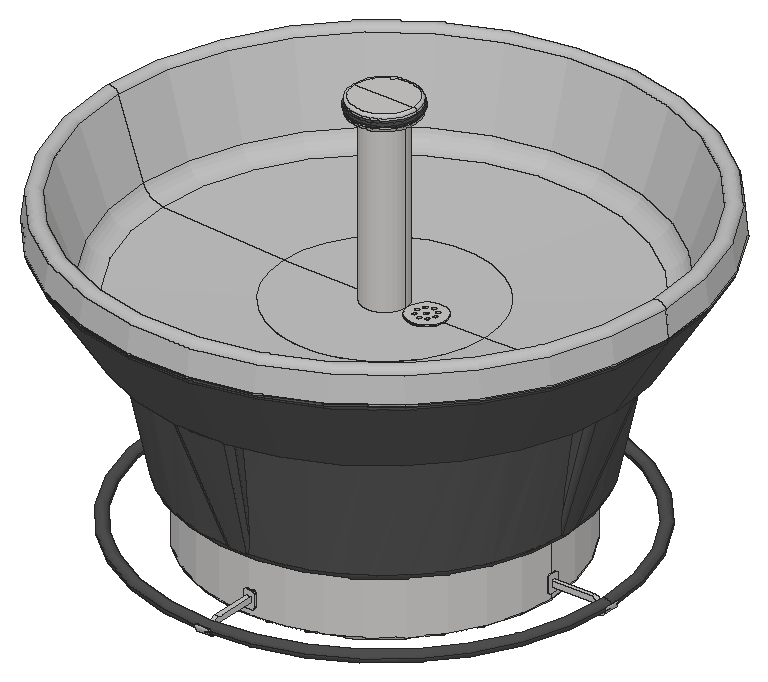
Revit family "Washfountain_Lavatory-Bradley_Corp-WF2808-Type_B_Drain", category Plumbing Fixtures, Revit 2012 (continued)
Automatic sketch dimensions
  Masking region 6 sketch curve to curve 7 = 7.18965"
  Masking region 6 sketch curve to Masking region 6 sketch curve = 0.60673"  (x2)
  Masking region 6 sketch curve to Masking region 6 sketch curve = 1.250"  (x5)
  Masking region 6 sketch curve to Masking region 6 sketch curve = 0.64327"
  Masking region 6 sketch curve to Masking region 6 sketch curve = 0.625"
  Masking region 7 sketch curve to curve 8 = 0.000"
  Masking region 7 sketch curve to curve 8 = 3.22592"
  Masking region 7 sketch curve to curve 8 = 2.810"
  curve 8 to Masking region 7 sketch curve = 2.810"
  curve 8 to Masking region 7 sketch curve = 3.22592"
  Masking region 7 sketch curve to curve 8 = 6.000"
  Masking region 8 sketch curve to curve 8 = 0.000"
  curve 8 to Masking region 8 sketch curve = 1.000"
  Masking region 8 sketch curve to curve 8 = 3.1566"
  Masking region 8 sketch curve to Masking region 8 sketch curve = 0.14284"  (x2)
  Masking region 8 sketch curve to Masking region 8 sketch curve = 0.03075"  (x2)
  Masking region 8 sketch curve to Masking region 8 sketch curve = 0.05262"  (x4)
  Masking region 8 sketch curve to Masking region 8 sketch curve = 0.06777"  (x2)
  Masking region 8 sketch curve to curve 8 = 1.17907"
  Masking region 8 sketch curve to curve 8 = 0.84002"
  curve 8 to Masking region 8 sketch curve = 0.84002"
  curve 8 to Masking region 8 sketch curve = 1.17907"
  Masking region 8 sketch curve to Masking region 8 sketch curve = 1.96998"
  curve 8 to Masking region 8 sketch curve = 0.375"
  Masking region 8 sketch curve to curve 8 = 7.18965"
  Masking region 8 sketch curve to Masking region 8 sketch curve = 1.18965"
  Masking region 8 sketch curve to Masking region 8 sketch curve = 0.60673"  (x2)
  Masking region 8 sketch curve to Masking region 8 sketch curve = 1.250"  (x5)
  Masking region 8 sketch curve to Masking region 8 sketch curve = 0.64327"
  Masking region 8 sketch curve to Masking region 8 sketch curve = 0.625"
  curve 8 to curve 24 = 0.375"
  curve 24 to curve 8 = 3.1566"
  curve 19 to curve 24 = 0.000"  (x2)
  curve 19 to curve 20 = 0.17359"
  curve 20 to curve 21 = 0.05262"
  curve 21 to curve 22 = 0.05262"
  curve 22 to curve 23 = 0.06777"
  curve 8 to curve 23 = 2.810"
  curve 23 to curve 22 = 0.06777"
  curve 22 to curve 21 = 0.05262"
  curve 21 to curve 20 = 0.05262"
  curve 20 to curve 24 = 0.17359"
  curve 19 to curve 24 = 0.625"
  curve 20 to curve 19 = 0.64327"
  curve 21 to curve 20 = 1.250"
  curve 22 to curve 21 = 1.250"
  curve 23 to curve 22 = 1.250"
  Masking region 9 sketch curve to curve 3 = 0.000"
  Masking region 9 sketch curve to curve 3 = 0.12875"
  curve 3 to Masking region 9 sketch curve = 0.21498"
  curve 3 to Masking region 9 sketch curve = 0.215"
  Masking region 9 sketch curve to Masking region 9 sketch curve = 0.785"
  Masking region 9 sketch curve to curve 3 = 1.000"
  Masking region 9 sketch curve to curve 3 = 0.215"
  Masking region 9 sketch curve to curve 3 = 0.21498"
  curve 3 to Masking region 9 sketch curve = 0.12875"
  Masking region 9 sketch curve to curve 3 = 1.38998"  (x2)
  Masking region 9 sketch curve to curve 3 = 0.94498"  (x2)
  Masking region 9 sketch curve to curve 3 = 0.44498"  (x2)
  Masking region 10 sketch curve to curve 3 = 0.12875"
  Masking region 10 sketch curve to curve 3 = 0.035"  (x2)
  Masking region 10 sketch curve to curve 3 = 0.00002"
  curve 3 to Masking region 10 sketch curve = 0.215"  (x2)
  Masking region 10 sketch curve to Masking region 10 sketch curve = 0.785"
  Masking region 10 sketch curve to curve 3 = 1.000"
  Masking region 10 sketch curve to curve 3 = 0.215"  (x2)
  curve 3 to Masking region 10 sketch curve = 0.035"  (x2)
  Masking region 10 sketch curve to Masking region 10 sketch curve = 0.09375"
  Masking region 10 sketch curve to curve 3 = 1.38998"  (x2)
  Masking region 10 sketch curve to curve 3 = 0.94498"  (x2)
  Masking region 10 sketch curve to curve 3 = 0.53873"  (x2)
  Masking region 11 sketch curve to curve 4 = 0.000"
  Masking region 11 sketch curve to curve 4 = 0.12875"
  curve 4 to Masking region 11 sketch curve = 0.21498"
  curve 4 to Masking region 11 sketch curve = 0.215"
  Masking region 11 sketch curve to Masking region 11 sketch curve = 0.785"
  Masking region 11 sketch curve to curve 4 = 1.000"
  Masking region 11 sketch curve to curve 4 = 0.215"
  Masking region 11 sketch curve to curve 4 = 0.21498"
  curve 4 to Masking region 11 sketch curve = 0.12875"
  Masking region 11 sketch curve to curve 4 = 1.38998"  (x2)
  Masking region 11 sketch curve to curve 4 = 0.94498"  (x2)
  Masking region 11 sketch curve to curve 4 = 0.44498"  (x2)
  Masking region 12 sketch curve to curve 4 = 0.12875"
  Masking region 12 sketch curve to curve 4 = 0.035"  (x2)
  curve 4 to Masking region 12 sketch curve = 0.215"  (x2)
  Masking region 12 sketch curve to curve 4 = 0.00002"
  curve 4 to Masking region 12 sketch curve = 1.000"
  Masking region 12 sketch curve to curve 4 = 1.000"
  Masking region 12 sketch curve to curve 4 = 0.215"  (x2)
  curve 4 to Masking region 12 sketch curve = 0.035"  (x2)
  Masking region 12 sketch curve to Masking region 12 sketch curve = 0.09375"
  Masking region 12 sketch curve to curve 4 = 1.38998"  (x2)
  Masking region 12 sketch curve to curve 4 = 0.94498"  (x2)
  Masking region 12 sketch curve to curve 4 = 0.53873"  (x2)
  curve 37 to curve 4 = 0.12875"
  curve 32 to curve 4 = 0.12875"
  curve 36 to curve 4 = 0.035"
  curve 33 to curve 4 = 0.035"
  curve 4 to curve 38 = 1.000"
  curve 38 to curve 4 = 1.000"
  curve 4 to curve 35 = 0.035"
  curve 4 to curve 33 = 0.035"
  curve 33 to curve 34 = 0.09375"
  curve 35 to curve 35 = 0.09375"
  curve 38 to curve 4 = 1.38998"
  curve 37 to curve 4 = 0.94498"
  curve 34 to curve 4 = 0.44498"
  Revolve 7 sketch curve to curve 5 = 0.000"
  curve 5 to Revolve 7 sketch curve = 1.000"
  curve 5 to Revolve 7 sketch curve = 0.89718"
  Revolve 7 sketch curve to curve 5 = 0.64632"
  Revolve 7 sketch curve to Revolve 7 sketch curve = 0.17678"
  Revolve 7 sketch curve to Revolve 7 sketch curve = 0.000"  (x5)
  Revolve 7 sketch curve to Revolve 7 sketch curve = 0.60355"
  Revolve 7 sketch curve to Revolve 7 sketch curve = 0.176"
  curve 5 to Revolve 7 sketch curve = 0.34072"
  Revolve 7 sketch curve to curve 5 = 1.44037"
  Revolve 7 sketch curve to Revolve 7 sketch curve = 0.01575"
  Revolve 7 sketch curve to Revolve 7 sketch curve = 0.074"
  Revolve 7 sketch curve to Revolve 7 sketch curve = 0.0755"
  Revolve 7 sketch curve to curve 5 = 2.78252"
  Revolve 7 sketch curve to curve 5 = 39.99275"
  Revolve 7 sketch curve to Revolve 7 sketch curve = 0.07322"
  Revolve 7 sketch curve to Revolve 7 sketch curve = 0.60277"
  Revolve 7 sketch curve to Revolve 7 sketch curve = 0.22469"
  Revolve 7 sketch curve to Revolve 7 sketch curve = 1.19454"
  Revolve 8 sketch curve to curve 5 = 0.000"
  curve 5 to Revolve 8 sketch curve = 1.000"
  Revolve 8 sketch curve to curve 5 = 0.75025"
  Revolve 8 sketch curve to Revolve 8 sketch curve = 0.82512"  (x2)
  Revolve 8 sketch curve to Revolve 8 sketch curve = 0.000"
  Revolve 8 sketch curve to Revolve 8 sketch curve = 0.71918"
  Revolve 8 sketch curve to Revolve 8 sketch curve = 1.30001"
  Masking region 13 sketch curve to curve 5 = 0.000"
  Masking region 13 sketch curve to curve 5 = 1.5755"
  Masking region 13 sketch curve to curve 5 = 0.750"
  curve 5 to Masking region 13 sketch curve = 1.000"
  Masking region 13 sketch curve to curve 5 = 1.000"
  curve 5 to Masking region 13 sketch curve = 0.75025"
  curve 5 to Masking region 13 sketch curve = 1.57537"
  Masking region 13 sketch curve to Masking region 13 sketch curve = 0.8255"
  Masking region 13 sketch curve to Masking region 13 sketch curve = 0.82512"
  Masking region 14 sketch curve to curve 5 = 0.000"
  Masking region 14 sketch curve to curve 5 = 1.57537"
  Masking region 14 sketch curve to Masking region 14 sketch curve = 0.0755"  (x2)
  Masking region 14 sketch curve to Masking region 14 sketch curve = 0.11925"
  Masking region 14 sketch curve to Masking region 14 sketch curve = 0.000"  (x7)
  Masking region 14 sketch curve to Masking region 14 sketch curve = 0.01575"  (x2)
  Masking region 14 sketch curve to Masking region 14 sketch curve = 0.074"  (x2)
  Masking region 14 sketch curve to Masking region 14 sketch curve = 0.176"  (x2)
  Masking region 14 sketch curve to curve 5 = 0.82309"
  Masking region 14 sketch curve to Masking region 14 sketch curve = 0.17678"  (x2)
  curve 5 to Masking region 14 sketch curve = 0.89718"
  curve 5 to Masking region 14 sketch curve = 1.000"
  curve 5 to Masking region 14 sketch curve = 2.78252"
  Masking region 14 sketch curve to Masking region 14 sketch curve = 0.43497"
  Masking region 14 sketch curve to curve 5 = 1.000"
  Masking region 14 sketch curve to curve 5 = 0.89718"
  curve 5 to Masking region 14 sketch curve = 0.64632"
  Masking region 14 sketch curve to Masking region 14 sketch curve = 0.60355"
  curve 5 to Masking region 14 sketch curve = 0.34072"
  curve 5 to Masking region 14 sketch curve = 1.44037"
  Masking region 14 sketch curve to curve 5 = 39.99275"
  Masking region 14 sketch curve to Masking region 14 sketch curve = 0.07322"  (x2)
  Masking region 14 sketch curve to Masking region 14 sketch curve = 0.60277"  (x2)
  Masking region 14 sketch curve to Masking region 14 sketch curve = 0.3591"
  Masking region 14 sketch curve to Masking region 14 sketch curve = 0.22469"
  Masking region 14 sketch curve to Masking region 14 sketch curve = 0.13441"
  curve 252 to curve 5 = 23.7889"
  curve 40 to curve 5 = 1.5755"
  curve 5 to curve 39 = 0.56541"
  curve 40 to curve 39 = 0.07563"
  curve 5 to curve 41 = 1.000"
  curve 41 to curve 5 = 1.000"
  curve 5 to curve 39 = 1.49987"
  curve 39 to curve 40 = 0.0755"
  curve 5 to curve 252 = 23.7906"
  curve 41 to curve 5 = 2.84038"
  curve 40 to curve 39 = 1.44948"
  Masking region 15 sketch curve to curve 6 = 0.000"
  Masking region 15 sketch curve to curve 6 = 1.57537"
  Masking region 15 sketch curve to curve 6 = 0.74987"
  curve 6 to Masking region 15 sketch curve = 1.000"
  Masking region 15 sketch curve to curve 6 = 1.000"
  curve 6 to Masking region 15 sketch curve = 0.75025"
  curve 6 to Masking region 15 sketch curve = 1.57537"
  Masking region 15 sketch curve to Masking region 15 sketch curve = 0.82512"
  Masking region 15 sketch curve to Masking region 15 sketch curve = 0.8255"
  Masking region 16 sketch curve to curve 6 = 0.000"
  Masking region 16 sketch curve to curve 6 = 1.57537"
  Masking region 16 sketch curve to Masking region 16 sketch curve = 0.0755"  (x2)
  Masking region 16 sketch curve to Masking region 16 sketch curve = 0.11925"
  Masking region 16 sketch curve to Masking region 16 sketch curve = 0.000"  (x7)
  Masking region 16 sketch curve to Masking region 16 sketch curve = 0.135"
  Masking region 16 sketch curve to Masking region 16 sketch curve = 0.074"
  Masking region 16 sketch curve to Masking region 16 sketch curve = 0.176"  (x2)
  Masking region 16 sketch curve to curve 6 = 0.82309"
  Masking region 16 sketch curve to Masking region 16 sketch curve = 0.17678"  (x2)
  curve 6 to Masking region 16 sketch curve = 0.89718"
  curve 6 to Masking region 16 sketch curve = 1.000"
  curve 6 to Masking region 16 sketch curve = 2.78252"
  Masking region 16 sketch curve to Masking region 16 sketch curve = 0.43497"
  Masking region 16 sketch curve to curve 6 = 1.000"
  Masking region 16 sketch curve to curve 6 = 0.89718"
  curve 6 to Masking region 16 sketch curve = 0.64632"
  Masking region 16 sketch curve to Masking region 16 sketch curve = 0.60355"
  curve 6 to Masking region 16 sketch curve = 0.34072"
  curve 6 to Masking region 16 sketch curve = 1.44037"
  Masking region 16 sketch curve to Masking region 16 sketch curve = 0.01575"
  Masking region 16 sketch curve to Masking region 16 sketch curve = 0.0595"
  Masking region 16 sketch curve to curve 6 = 39.99275"
  Masking region 16 sketch curve to Masking region 16 sketch curve = 0.07322"  (x2)
  Masking region 16 sketch curve to Masking region 16 sketch curve = 0.60277"  (x2)
  Masking region 16 sketch curve to Masking region 16 sketch curve = 0.3591"
  Masking region 16 sketch curve to Masking region 16 sketch curve = 0.22469"
  Masking region 16 sketch curve to Masking region 16 sketch curve = 0.13441"
  curve 43 to curve 6 = 1.57537"
  curve 6 to curve 42 = 0.56541"
  curve 43 to curve 42 = 0.0755"
  curve 6 to curve 44 = 1.000"
  curve 44 to curve 6 = 1.000"
  curve 6 to curve 42 = 1.49987"
  curve 42 to curve 43 = 0.0755"
  curve 43 to curve 42 = 1.44948"
  curve 44 to curve 6 = 2.840"
  curve 136 to curve 137 = 0.000"  (x2)
  curve 136 to curve 138 = 0.000"  (x2)
  curve 137 to curve 138 = 0.000"  (x2)
  curve 147 to curve 251 = 0.000"  (x2)
  curve 141 to plane 1 "Center (Front/Back)" = 0.000"
  curve 138 to plane 1 "Center (Front/Back)" = 0.000"
  curve 145 to plane 1 "Center (Front/Back)" = 0.000"
  curve 251 to plane 1 "Center (Front/Back)" = 0.000"
  curve 251 to plane 3 "Center (Left/Right)" = 0.000"
  curve 145 to curve 147 = 3.12229"
  curve 144 to curve 145 = 0.25708"
  curve 146 to curve 145 = 0.25708"
  curve 143 to curve 144 = 0.62063"
  curve 136 to curve 146 = 0.62063"
  curve 139 to curve 146 = 0.62063"
  curve 142 to curve 143 = 0.62063"
  curve 140 to curve 139 = 0.62063"
  curve 141 to curve 140 = 0.25708"
  curve 140 to plane 1 "Center (Front/Back)" = 0.62063"
  curve 146 to plane 1 "Center (Front/Back)" = 0.62063"
  curve 139 to curve 146 = 0.25708"
  plane 1 "Center (Front/Back)" to curve 142 = 0.62063"
  plane 1 "Center (Front/Back)" to curve 144 = 0.62063"
  curve 144 to curve 143 = 0.25708"
  Masking region 18 sketch curve to plane 1 "Center (Front/Back)" = 0.000"
  Masking region 18 sketch curve to plane 3 "Center (Left/Right)" = 0.000"
  curve 45 to plane 1 "Center (Front/Back)" = 0.000"
  curve 45 to plane 3 "Center (Left/Right)" = 0.000"
  Masking region 19 sketch curve to plane 1 "Center (Front/Back)" = 0.000"
  Masking region 19 sketch curve to plane 3 "Center (Left/Right)" = 0.000"
  curve 46 to plane 1 "Center (Front/Back)" = 0.000"
  curve 46 to plane 3 "Center (Left/Right)" = 0.000"
  Masking region 20 sketch curve to plane 1 "Center (Front/Back)" = 0.000"
  Masking region 20 sketch curve to plane 3 "Center (Left/Right)" = 0.000"
  curve 47 to plane 1 "Center (Front/Back)" = 0.000"
  curve 47 to plane 3 "Center (Left/Right)" = 0.000"
  curve 244 to plane 1 "Center (Front/Back)" = 2.2644"
  plane 3 "Center (Left/Right)" to curve 244 = 7.0783"
  curve 244 to curve 250 = 1.51551"
  curve 250 to curve 246 = 0.06253"
  curve 245 to curve 246 = 0.000"  (x2)
  plane 3 "Center (Left/Right)" to curve 244 = 1.57842"
  curve 248 to plane 3 "Center (Left/Right)" = 0.06259"
  curve 243 to plane 3 "Center (Left/Right)" = 1.57814"
  curve 246 to plane 3 "Center (Left/Right)" = 5.500"
  curve 246 to curve 249 = 0.06259"
  curve 243 to plane 1 "Center (Front/Back)" = 2.26429"
  curve 248 to curve 243 = 1.51554"
  curve 250 to curve 244 = 0.87478"
  curve 249 to curve 243 = 0.875"
  curve 250 to curve 250 = 0.06779"
  curve 245 to curve 246 = 1.750"
  plane 1 "Center (Front/Back)" to curve 248 = 6.38699"
  curve 248 to curve 243 = 0.875"
  curve 248 to curve 244 = 0.87526"
  Masking region 21 sketch curve to plane 1 "Center (Front/Back)" = 0.000"
  Masking region 21 sketch curve to plane 3 "Center (Left/Right)" = 0.000"
  plane 3 "Center (Left/Right)" to Masking region 21 sketch curve = 0.06279"
  plane 3 "Center (Left/Right)" to Masking region 21 sketch curve = 3.52689"
  plane 3 "Center (Left/Right)" to Masking region 21 sketch curve = 5.50026"
  Masking region 21 sketch curve to plane 1 "Center (Front/Back)" = 3.13918"
  Masking region 21 sketch curve to Masking region 21 sketch curve = 0.06253"
  Masking region 21 sketch curve to plane 1 "Center (Front/Back)" = 1.13918"
  Masking region 21 sketch curve to Masking region 21 sketch curve = 3.4641"  (x2)
  Masking region 21 sketch curve to plane 3 "Center (Left/Right)" = 0.06259"
  Masking region 21 sketch curve to plane 3 "Center (Left/Right)" = 3.5267"
  Masking region 21 sketch curve to plane 3 "Center (Left/Right)" = 5.500"
  Masking region 21 sketch curve to plane 1 "Center (Front/Back)" = 3.13929"
  Masking region 21 sketch curve to Masking region 21 sketch curve = 0.06259"
  Masking region 21 sketch curve to plane 1 "Center (Front/Back)" = 1.13929"
  Masking region 21 sketch curve to Masking region 21 sketch curve = 0.06767"
  Masking region 21 sketch curve to Masking region 21 sketch curve = 0.06779"
  Masking region 21 sketch curve to Masking region 21 sketch curve = 4.000"
  Extrusion 9 sketch curve to plane 8 "Towel Dispenser" = 0.000"
  Extrusion 9 sketch curve to Extrusion 9 sketch curve = 2.250"
  Extrusion 9 sketch curve to plane 1 "Center (Front/Back)" = 3.20696"
  Extrusion 10 sketch curve to Extrusion 10 sketch curve = 2.250"
  Extrusion 10 sketch curve to Extrusion 10 sketch curve = 4.000"
  Extrusion 11 sketch curve to plane 8 "Towel Dispenser" = 0.000"
  Extrusion 11 sketch curve to Extrusion 11 sketch curve = 1.750"
  Extrusion 11 sketch curve to Extrusion 11 sketch curve = 2.250"
  Split face 1 sketch curve to Extrusion 9 = 0.56845"
  Split face 1 sketch curve to Split face 1 sketch curve = 0.750"
  Split face 1 sketch curve to Extrusion 9 = 1.500"  (x2)
  Split face 2 sketch curve to Extrusion 10 = 0.56845"
  Split face 2 sketch curve to Split face 2 sketch curve = 0.750"
  Split face 2 sketch curve to Extrusion 10 = 1.70359"
  Split face 2 sketch curve to Extrusion 10 = 1.29641"
  Split face 3 sketch curve to Extrusion 11 = 0.56851"
  Split face 3 sketch curve to Split face 3 sketch curve = 0.750"
  Split face 3 sketch curve to Extrusion 11 = 1.500"  (x2)
  curve 101 to Extrusion 9 = 0.000"  (x3)
  curve 99 to Extrusion 9 = 2.60156"
  curve 99 to curve 99 = 1.000"
  Extrusion 9 to curve 99 = 1.95703"
  curve 51 to Extrusion 10 = 0.000"  (x3)
  curve 100 to Extrusion 10 = 2.60156"
  curve 100 to curve 100 = 1.000"
  Extrusion 10 to curve 100 = 1.95703"
  curve 52 to Extrusion 11 = 0.000"  (x3)
  curve 98 to Extrusion 11 = 2.60156"
  curve 98 to curve 98 = 1.000"
  Extrusion 11 to curve 98 = 1.95703"
  Masking region 22 sketch curve to curve 9 = 0.000"  (x2)
  Masking region 22 sketch curve to curve 9 = 1.37502"  (x2)
  Masking region 22 sketch curve to curve 9 = 6.02676"
  Masking region 22 sketch curve to Masking region 22 sketch curve = 1.94856"
  Masking region 22 sketch curve to curve 9 = 2.56266"
  curve 9 to Masking region 22 sketch curve = 1.000"  (x2)
  Masking region 22 sketch curve to curve 9 = 1.000"  (x2)
  curve 9 to Masking region 22 sketch curve = 2.56273"
  curve 9 to Masking region 22 sketch curve = 4.0783"
  Masking region 22 sketch curve to Masking region 22 sketch curve = 3.46415"
  curve 9 to Masking region 22 sketch curve = 14.62567"  (x2)
  curve 9 to Masking region 22 sketch curve = 15.313"  (x2)
  Masking region 22 sketch curve to Masking region 22 sketch curve = 1.000"
  curve 131 to curve 53 = 0.000"
  curve 75 to curve 53 = 6.02688"
  curve 55 to curve 53 = 1.37502"
  curve 55 to curve 53 = 6.02688"
  curve 66 to curve 74 = 1.06133"
  curve 74 to curve 71 = 0.10866"
  curve 74 to curve 74 = 0.55423"  (x2)
  curve 74 to curve 53 = 0.29645"
  curve 73 to curve 55 = 0.4715"
  curve 103 to curve 53 = 1.50547"
  curve 71 to curve 55 = 0.32995"
  curve 72 to curve 53 = 0.30272"
  curve 53 to curve 72 = 0.2515"
  curve 73 to curve 72 = 0.10866"
  curve 53 to curve 132 = 1.000"
  curve 72 to curve 131 = 0.63984"
  curve 131 to curve 64 = 0.42158"
  curve 132 to curve 57 = 1.93715"
  curve 61 to curve 62 = 0.12538"
  curve 63 to curve 53 = 1.42193"
  curve 63 to curve 131 = 0.42193"
  curve 132 to curve 53 = 1.000"
  curve 69 to curve 53 = 0.14845"
  curve 53 to curve 70 = 0.40577"
  curve 53 to curve 54 = 0.52663"
  curve 54 to curve 70 = 0.43336"
  curve 67 to curve 70 = 0.10867"
  curve 53 to curve 54 = 3.2767"
  curve 68 to curve 53 = 0.33668"
  curve 54 to curve 68 = 0.46463"
  curve 68 to curve 68 = 0.10867"
  curve 69 to curve 68 = 0.55422"
  curve 68 to curve 68 = 0.55422"
  curve 102 to curve 65 = 0.97852"
  curve 56 to curve 58 = 5.50013"
  curve 55 to curve 53 = 10.37498"
  curve 54 to curve 53 = 10.37498"
  curve 68 to curve 68 = 0.04026"
  curve 73 to curve 72 = 0.04026"
  curve 68 to curve 54 = 1.03834"
  curve 53 to curve 103 = 3.97659"
  curve 65 to curve 102 = 2.60156"
  curve 103 to curve 103 = 1.000"
  curve 102 to curve 102 = 1.000"
  curve 53 to curve 59 = 14.62567"
  curve 53 to curve 60 = 14.62567"
  curve 53 to curve 61 = 15.313"
  curve 78 to curve 76 = 0.000"
  curve 77 to curve 76 = 0.000"
  curve 85 to curve 76 = 2.50026"
  curve 82 to curve 76 = 0.29642"
  curve 82 to curve 76 = 1.00026"
  curve 104 to curve 76 = 0.54323"
  curve 82 to curve 76 = 0.25026"
  curve 85 to curve 76 = 1.37502"
  curve 76 to curve 85 = 2.99987"
  curve 76 to curve 84 = 1.000"
  curve 84 to curve 84 = 0.750"
  curve 83 to curve 84 = 0.39109"
  curve 80 to curve 85 = 0.000"
  curve 76 to curve 104 = 3.97659"
  curve 76 to curve 104 = 4.97659"
  curve 76 to curve 79 = 14.62567"
  curve 79 to curve 77 = 0.68733"
  curve 79 to curve 78 = 0.68733"
  Masking region 23 sketch curve to curve 10 = 0.000"
  Masking region 23 sketch curve to curve 10 = 4.20696"
  Masking region 23 sketch curve to curve 10 = 1.95696"
  Masking region 23 sketch curve to curve 10 = 0.20696"
  curve 10 to Masking region 23 sketch curve = 1.000"
  Masking region 23 sketch curve to curve 10 = 1.000"
  curve 10 to Masking region 23 sketch curve = 3.3871"
  curve 10 to Masking region 23 sketch curve = 4.2621"
  Masking region 23 sketch curve to Masking region 23 sketch curve = 2.000"
  Masking region 23 sketch curve to curve 10 = 1.37502"  (x2)
  curve 10 to Masking region 23 sketch curve = 14.62567"  (x2)
  Masking region 23 sketch curve to Masking region 23 sketch curve = 0.68733"
  curve 10 to Masking region 23 sketch curve = 15.313"
  curve 10 to Masking region 23 sketch curve = 16.313"
  curve 86 to curve 10 = 0.000"
  curve 87 to curve 10 = 0.000"
  curve 91 to curve 10 = 0.000"
  curve 86 to curve 10 = 0.20696"
  curve 86 to curve 87 = 0.06756"
  curve 10 to curve 91 = 0.7356"
  curve 10 to curve 134 = 1.750"
  curve 134 to curve 90 = 0.1106"
  curve 89 to curve 95 = 0.01928"
  curve 95 to curve 96 = 0.39728"
  curve 95 to curve 95 = 0.31998"  (x2)
  curve 133 to curve 10 = 2.44456"
  curve 134 to curve 10 = 1.750"
  curve 10 to curve 93 = 0.62385"
  curve 96 to curve 10 = 0.29642"
  curve 96 to curve 92 = 2.18152"
  curve 96 to curve 97 = 0.31998"
  curve 97 to curve 94 = 0.31998"
  curve 94 to curve 97 = 0.39728"
  curve 10 to curve 90 = 5.3871"
  curve 93 to curve 10 = 10.37498"
  curve 95 to curve 95 = 0.17193"
  curve 10 to curve 93 = 1.37502"
  curve 10 to curve 133 = 3.97659"
  curve 133 to curve 133 = 1.000"
  curve 10 to curve 89 = 14.62567"
  curve 10 to curve 87 = 15.313"
  curve 86 to curve 87 = 0.000"
  curve 88 to curve 134 = 0.68733"
  Extrusion 12 sketch curve to plane 1 "Center (Front/Back)" = 0.000"
  Extrusion 12 sketch curve to plane 3 "Center (Left/Right)" = 0.000"
  curve 5 to Masking region 24 sketch curve = 3.500"
  curve 5 to Masking region 24 sketch curve = 1.000"
  Masking region 24 sketch curve to curve 5 = 1.000"
  Masking region 25 sketch curve to plane 10 "Sensor Module" = 3.500"
  Masking region 25 sketch curve to plane 1 "Center (Front/Back)" = 2.000"
  plane 1 "Center (Front/Back)" to Masking region 25 sketch curve = 2.000"
  Extrusion 13 sketch curve to plane 1 "Center (Front/Back)" = 0.000"
  Extrusion 13 sketch curve to plane 3 "Center (Left/Right)" = 0.000"
  Extrusion 14 sketch curve to Extrusion 14 sketch curve = 0.000"  (x2)
  Extrusion 14 sketch curve to plane 1 "Center (Front/Back)" = 0.000"
  Extrusion 14 sketch curve to plane 3 "Center (Left/Right)" = 0.000"
  plane 3 "Center (Left/Right)" to Extrusion 14 sketch curve = 0.06295"
  Extrusion 14 sketch curve to Extrusion 14 sketch curve = 2.000"
  Extrusion 14 sketch curve to Extrusion 14 sketch curve = 3.50026"
  Extrusion 14 sketch curve to Extrusion 14 sketch curve = 0.06243"
  Extrusion 14 sketch curve to plane 3 "Center (Left/Right)" = 0.06259"
  Extrusion 14 sketch curve to Extrusion 14 sketch curve = 3.500"
  Extrusion 14 sketch curve to Extrusion 14 sketch curve = 0.06259"
  Extrusion 14 sketch curve to plane 1 "Center (Front/Back)" = 3.13929"  (x2)
  Extrusion 14 sketch curve to Extrusion 14 sketch curve = 0.06767"
  plane 1 "Center (Front/Back)" to Extrusion 14 sketch curve = 6.38699"
  Extrusion 14 sketch curve to Extrusion 14 sketch curve = 0.00011"
  Extrusion 15 sketch curve to Extrusion 15 sketch curve = 0.000"  (x2)
  Extrusion 15 sketch curve to plane 1 "Center (Front/Back)" = 0.000"
  Extrusion 15 sketch curve to plane 3 "Center (Left/Right)" = 0.000"
  plane 3 "Center (Left/Right)" to Extrusion 15 sketch curve = 0.06295"
  Extrusion 15 sketch curve to Extrusion 15 sketch curve = 2.000"
  Extrusion 15 sketch curve to Extrusion 15 sketch curve = 3.50026"
  Extrusion 15 sketch curve to Extrusion 15 sketch curve = 0.06243"
  Extrusion 15 sketch curve to plane 3 "Center (Left/Right)" = 0.06259"
  Extrusion 15 sketch curve to Extrusion 15 sketch curve = 3.500"
  Extrusion 15 sketch curve to Extrusion 15 sketch curve = 0.06259"
  Extrusion 15 sketch curve to plane 1 "Center (Front/Back)" = 3.13929"  (x2)
  Extrusion 15 sketch curve to Extrusion 15 sketch curve = 0.06767"
  plane 1 "Center (Front/Back)" to Extrusion 15 sketch curve = 6.38699"
  Extrusion 15 sketch curve to Extrusion 15 sketch curve = 0.00011"
  Sweep 16 sketch curve to profile plane = 0.000"
  profile plane to Sweep 16 sketch curve = 1.425"
  Extrusion 17 sketch curve to Extrusion 17 sketch curve = 0.000"  (x10)
  level to Extrusion 17 sketch curve = 1.57969"
  plane 4 "Left" to Extrusion 17 sketch curve = 5.42032"
  Extrusion 17 sketch curve to Extrusion 17 sketch curve = 0.04831"  (x2)
  Extrusion 17 sketch curve to Extrusion 17 sketch curve = 0.48307"  (x2)
  Extrusion 17 sketch curve to Extrusion 17 sketch curve = 0.48846"  (x2)
  Extrusion 17 sketch curve to Extrusion 17 sketch curve = 0.04885"  (x2)
  level to Extrusion 17 sketch curve = 1.55302"
  Extrusion 17 sketch curve to plane 5 "Right" = 6.58615"
  Extrusion 17 sketch curve to Extrusion 17 sketch curve = 0.02667"
  Extrusion 17 sketch curve to Extrusion 17 sketch curve = 0.01068"
  Extrusion 18 sketch curve to Extrusion 18 sketch curve = 0.000"  (x10)
  level to Extrusion 18 sketch curve = 1.57982"
  plane 6 "Front" to Extrusion 18 sketch curve = 5.42032"
  Extrusion 18 sketch curve to Extrusion 18 sketch curve = 0.04831"  (x2)
  Extrusion 18 sketch curve to Extrusion 18 sketch curve = 0.48307"  (x2)
  Extrusion 18 sketch curve to Extrusion 18 sketch curve = 0.48846"  (x2)
  Extrusion 18 sketch curve to Extrusion 18 sketch curve = 0.04885"  (x2)
  level to Extrusion 18 sketch curve = 1.55315"
  Extrusion 18 sketch curve to plane 7 "Back" = 6.58615"
  Extrusion 18 sketch curve to Extrusion 18 sketch curve = 0.03735"
  Extrusion 18 sketch curve to Extrusion 18 sketch curve = 0.01068"
  Extrusion 19 sketch curve to Extrusion 19 sketch curve = 0.000"  (x6)
  level to Extrusion 19 sketch curve = 0.82503"  (x2)
  plane 4 "Left" to Extrusion 19 sketch curve = 6.000"
  Extrusion 19 sketch curve to Extrusion 19 sketch curve = 0.19771"  (x2)
  Extrusion 19 sketch curve to Extrusion 19 sketch curve = 0.600"
  Extrusion 19 sketch curve to Extrusion 19 sketch curve = 0.45214"  (x2)
  Extrusion 19 sketch curve to Extrusion 19 sketch curve = 0.14125"  (x2)
  Extrusion 19 sketch curve to Extrusion 19 sketch curve = 3.76201"
  level to Extrusion 19 sketch curve = 1.26725"
  Extrusion 19 sketch curve to plane 5 "Right" = 10.95544"
  Extrusion 19 sketch curve to Extrusion 19 sketch curve = 3.76205"
  Extrusion 19 sketch curve to Extrusion 19 sketch curve = 0.40229"
  Extrusion 19 sketch curve to Extrusion 19 sketch curve = 0.34334"
  Extrusion 20 sketch curve to Extrusion 20 sketch curve = 0.000"  (x6)
  level to Extrusion 20 sketch curve = 0.82997"
  plane 6 "Front" to Extrusion 20 sketch curve = 5.99907"
  Extrusion 20 sketch curve to Extrusion 20 sketch curve = 0.19771"  (x2)
  Extrusion 20 sketch curve to Extrusion 20 sketch curve = 0.600"
  Extrusion 20 sketch curve to Extrusion 20 sketch curve = 0.45214"  (x2)
  Extrusion 20 sketch curve to Extrusion 20 sketch curve = 0.14125"  (x2)
  Extrusion 20 sketch curve to Extrusion 20 sketch curve = 3.76296"
  level to Extrusion 20 sketch curve = 1.77219"
  Extrusion 20 sketch curve to plane 7 "Back" = 10.95714"
  level to Extrusion 20 sketch curve = 1.27219"
  Extrusion 20 sketch curve to Extrusion 20 sketch curve = 3.76468"
  Extrusion 20 sketch curve to Extrusion 20 sketch curve = 0.40229"
  Extrusion 20 sketch curve to Extrusion 20 sketch curve = 0.34334"
  plane 1 "Center (Front/Back)" to Extrusion 21 sketch curve = 0.49499"
  plane 1 "Center (Front/Back)" to Extrusion 21 sketch curve = 0.24499"  (x2)
  plane 1 "Center (Front/Back)" to Extrusion 21 sketch curve = 0.23845"
  Extrusion 21 sketch curve to plane 1 "Center (Front/Back)" = 0.24214"
  Extrusion 21 sketch curve to plane 1 "Center (Front/Back)" = 0.25501"  (x2)
  Extrusion 21 sketch curve to Extrusion 21 sketch curve = 0.250"
  level to Extrusion 21 sketch curve = 0.70961"
  Extrusion 21 sketch curve to Extrusion 21 sketch curve = 0.2684"  (x2)
  Extrusion 21 sketch curve to Extrusion 21 sketch curve = 0.5882"
  plane 1 "Center (Front/Back)" to Extrusion 22 sketch curve = 0.50501"
  plane 1 "Center (Front/Back)" to Extrusion 22 sketch curve = 0.25501"  (x2)
  plane 1 "Center (Front/Back)" to Extrusion 22 sketch curve = 0.24214"
  Extrusion 22 sketch curve to plane 1 "Center (Front/Back)" = 0.23845"
  Extrusion 22 sketch curve to plane 1 "Center (Front/Back)" = 0.24499"  (x2)
  Extrusion 22 sketch curve to Extrusion 22 sketch curve = 0.250"
  level to Extrusion 22 sketch curve = 0.70961"
  Extrusion 22 sketch curve to Extrusion 22 sketch curve = 0.2684"  (x2)
  Extrusion 22 sketch curve to Extrusion 22 sketch curve = 0.5882"
  Extrusion 23 sketch curve to plane 3 "Center (Left/Right)" = 0.50501"
  Extrusion 23 sketch curve to plane 3 "Center (Left/Right)" = 0.25501"  (x2)
  Extrusion 23 sketch curve to plane 3 "Center (Left/Right)" = 0.24214"
  plane 3 "Center (Left/Right)" to Extrusion 23 sketch curve = 0.23845"
  plane 3 "Center (Left/Right)" to Extrusion 23 sketch curve = 0.24499"  (x2)
  Extrusion 23 sketch curve to Extrusion 23 sketch curve = 0.250"
  level to Extrusion 23 sketch curve = 0.70961"
  Extrusion 23 sketch curve to Extrusion 23 sketch curve = 0.2684"  (x2)
  Extrusion 23 sketch curve to Extrusion 23 sketch curve = 0.5882"
  Extrusion 24 sketch curve to plane 3 "Center (Left/Right)" = 0.49499"
  Extrusion 24 sketch curve to plane 3 "Center (Left/Right)" = 0.24499"  (x2)
  Extrusion 24 sketch curve to plane 3 "Center (Left/Right)" = 0.23845"
  plane 3 "Center (Left/Right)" to Extrusion 24 sketch curve = 0.24214"
  plane 3 "Center (Left/Right)" to Extrusion 24 sketch curve = 0.25501"  (x2)
  Extrusion 24 sketch curve to Extrusion 24 sketch curve = 0.250"
  level to Extrusion 24 sketch curve = 0.70961"
  Extrusion 24 sketch curve to Extrusion 24 sketch curve = 0.2684"  (x2)
  Extrusion 24 sketch curve to Extrusion 24 sketch curve = 0.5882"
  level to Masking region 26 sketch curve = 1.57969"
  plane 4 "Left" to Masking region 26 sketch curve = 5.42032"
  Masking region 26 sketch curve to Masking region 26 sketch curve = 0.000"  (x4)
  Masking region 26 sketch curve to Masking region 26 sketch curve = 0.04831"  (x2)
  Masking region 26 sketch curve to Masking region 26 sketch curve = 0.04873"  (x2)
  Masking region 26 sketch curve to Masking region 26 sketch curve = 0.48264"  (x2)
  Masking region 26 sketch curve to Masking region 26 sketch curve = 0.00088"
  Masking region 26 sketch curve to Masking region 26 sketch curve = 0.19771"  (x2)
  Masking region 26 sketch curve to Masking region 26 sketch curve = 0.69685"  (x2)
  Masking region 26 sketch curve to plane 3 "Center (Left/Right)" = 0.670"
  Masking region 26 sketch curve to plane 3 "Center (Left/Right)" = 0.50501"
  Masking region 26 sketch curve to Masking region 26 sketch curve = 0.20433"  (x2)
  Masking region 26 sketch curve to Masking region 26 sketch curve = 0.21066"  (x2)
  Masking region 26 sketch curve to plane 3 "Center (Left/Right)" = 0.25501"
  plane 3 "Center (Left/Right)" to Masking region 26 sketch curve = 0.25501"  (x2)
  Masking region 26 sketch curve to Masking region 26 sketch curve = 0.250"
  level to Masking region 26 sketch curve = 0.925"
  Masking region 26 sketch curve to plane 5 "Right" = 6.69772"
  Masking region 26 sketch curve to Masking region 26 sketch curve = 0.50002"
  Masking region 26 sketch curve to Masking region 26 sketch curve = 0.100"
  level to Masking region 26 sketch curve = 0.825"
  Masking region 26 sketch curve to Masking region 26 sketch curve = 0.10013"  (x2)
  level to Masking region 26 sketch curve = 0.82487"
  Masking region 26 sketch curve to Masking region 26 sketch curve = 0.11539"
  Masking region 26 sketch curve to Masking region 26 sketch curve = 0.50506"
  Masking region 26 sketch curve to Masking region 26 sketch curve = 0.00013"  (x2)
  Masking region 26 sketch curve to Masking region 26 sketch curve = 0.15961"
  curve 112 to curve 113 = 0.000"  (x2)
  curve 115 to curve 116 = 0.000"  (x2)
  curve 169 to plane 3 "Center (Left/Right)" = 0.000"
  curve 167 to plane 3 "Center (Left/Right)" = 0.12584"
  curve 110 to plane 3 "Center (Left/Right)" = 0.46567"
  curve 111 to plane 3 "Center (Left/Right)" = 0.50501"
  curve 182 to plane 3 "Center (Left/Right)" = 0.56801"
  curve 171 to plane 3 "Center (Left/Right)" = 0.59234"
  curve 170 to plane 3 "Center (Left/Right)" = 0.59234"
  curve 107 to curve 110 = 0.20433"
  curve 189 to plane 3 "Center (Left/Right)" = 0.96355"
  curve 155 to curve 182 = 0.39773"
  curve 197 to curve 156 = 0.00604"
  curve 157 to curve 166 = 0.11963"
  curve 165 to curve 165 = 0.1244"
  curve 254 to curve 107 = 1.30389"
  curve 164 to curve 165 = 0.97433"
  curve 163 to curve 164 = 0.01354"
  curve 162 to curve 164 = 0.12928"
  curve 157 to curve 162 = 0.00342"
  curve 195 to curve 163 = 0.13525"
  plane 4 "Left" to curve 188 = 11.1054"
  curve 154 to curve 188 = 1.57573"
  curve 155 to curve 154 = 0.01774"
  curve 154 to curve 155 = 0.13012"
  level to curve 114 = 0.925"
  curve 114 to curve 154 = 2.83195"
  curve 113 to curve 114 = 0.36586"
  plane 4 "Left" to curve 162 = 6.1621"
  curve 199 to curve 153 = 0.07125"
  curve 112 to curve 113 = 0.32043"
  curve 113 to curve 114 = 0.01056"
  curve 113 to curve 112 = 0.01143"
  curve 161 to curve 199 = 0.15811"
  curve 112 to curve 112 = 0.48307"
  curve 160 to curve 161 = 0.93351"
  plane 3 "Center (Left/Right)" to curve 191 = 0.07846"
  curve 191 to curve 184 = 0.07846"
  curve 184 to curve 184 = 0.12584"
  plane 3 "Center (Left/Right)" to curve 110 = 0.46567"
  plane 3 "Center (Left/Right)" to curve 111 = 0.50501"
  curve 111 to curve 108 = 0.16499"
  plane 3 "Center (Left/Right)" to curve 166 = 0.72492"
  plane 3 "Center (Left/Right)" to curve 186 = 0.74925"
  plane 3 "Center (Left/Right)" to curve 185 = 0.74925"
  plane 3 "Center (Left/Right)" to curve 190 = 1.11807"
  curve 166 to curve 173 = 0.39773"
  curve 190 to curve 198 = 0.01062"
  curve 159 to curve 198 = 0.11963"
  curve 181 to curve 181 = 0.1244"
  curve 109 to curve 255 = 1.30389"
  curve 181 to curve 180 = 0.97433"
  curve 180 to curve 180 = 0.01354"
  curve 180 to curve 178 = 0.12928"
  curve 178 to curve 196 = 0.00342"
  curve 179 to curve 196 = 0.13328"
  curve 188 to plane 5 "Right" = 11.0625"
  curve 188 to curve 192 = 1.55723"
  curve 172 to curve 159 = 0.00046"
  level to curve 117 = 0.925"
  curve 159 to curve 117 = 2.80708"
  curve 117 to curve 116 = 0.36586"
  curve 200 to plane 5 "Right" = 6.13271"
  curve 177 to curve 200 = 0.07482"
  curve 116 to curve 115 = 0.32043"
  curve 117 to curve 116 = 0.01056"
  curve 115 to curve 116 = 0.01143"
  curve 177 to curve 177 = 0.22936"
  curve 115 to curve 115 = 0.48307"
  curve 176 to curve 187 = 0.90412"
  curve 176 to curve 192 = 0.00525"
  level to curve 109 = 0.925"
  curve 110 to curve 109 = 0.100"
  curve 116 to curve 117 = 0.10013"
  curve 113 to curve 114 = 0.10013"
  curve 110 to curve 107 = 0.100"
  level to curve 254 = 1.000"
  level to curve 255 = 1.000"
  curve 254 to curve 254 = 0.35175"
  curve 255 to curve 255 = 0.35175"
  curve 109 to curve 108 = 0.69191"
  curve 108 to curve 111 = 0.30809"
  curve 111 to curve 189 = 2.71699"
  curve 189 to curve 189 = 0.35175"
  curve 189 to curve 190 = 0.00063"
  curve 190 to curve 190 = 0.35175"
  level to curve 188 = 5.6669"
  curve 198 to curve 173 = 0.58296"
  curve 158 to curve 175 = 0.000"
  curve 188 to curve 154 = 0.58296"
  curve 154 to curve 155 = 0.06505"
  curve 173 to curve 182 = 0.06505"
  curve 175 to curve 191 = 0.06505"
  curve 188 to curve 187 = 0.64802"
  curve 159 to curve 192 = 0.00087"
  curve 166 to curve 197 = 0.49138"
  curve 159 to curve 198 = 0.49138"
  curve 182 to curve 171 = 2.45212"
  curve 186 to curve 171 = 0.000"
  curve 186 to curve 185 = 5.5394"
  curve 170 to curve 185 = 0.000"
  curve 177 to plane 14 "Pedestal Height" = 8.13162"
  curve 161 to plane 14 "Pedestal Height" = 8.13162"
  curve 185 to curve 178 = 2.94594"
  curve 161 to curve 161 = 0.05585"
  curve 180 to curve 180 = 0.01323"
  curve 157 to curve 164 = 0.01323"
  curve 179 to curve 175 = 0.01556"
  curve 179 to curve 196 = 0.01556"
  curve 191 to curve 175 = 0.000"
  curve 158 to curve 191 = 0.000"
  curve 179 to curve 173 = 0.01556"
  curve 163 to curve 156 = 0.01556"
  curve 163 to curve 195 = 0.01556"
  curve 160 to curve 199 = 0.01556"
  curve 177 to curve 200 = 0.01556"
  curve 176 to curve 192 = 0.01582"
  level to Masking region 27 sketch curve = 1.57955"
  plane 6 "Front" to Masking region 27 sketch curve = 5.42032"
  Masking region 27 sketch curve to Masking region 27 sketch curve = 0.000"  (x4)
  Masking region 27 sketch curve to Masking region 27 sketch curve = 0.04831"  (x2)
  Masking region 27 sketch curve to Masking region 27 sketch curve = 0.04873"  (x2)
  Masking region 27 sketch curve to Masking region 27 sketch curve = 0.48264"  (x2)
  Masking region 27 sketch curve to Masking region 27 sketch curve = 0.00088"
  Masking region 27 sketch curve to Masking region 27 sketch curve = 0.19771"  (x2)
  Masking region 27 sketch curve to Masking region 27 sketch curve = 0.69685"  (x2)
  plane 1 "Center (Front/Back)" to Masking region 27 sketch curve = 0.670"
  plane 1 "Center (Front/Back)" to Masking region 27 sketch curve = 0.50501"
  Masking region 27 sketch curve to Masking region 27 sketch curve = 0.20433"  (x2)
  Masking region 27 sketch curve to Masking region 27 sketch curve = 0.21066"  (x2)
  Masking region 27 sketch curve to Masking region 27 sketch curve = 0.250"  (x2)
  Masking region 27 sketch curve to plane 1 "Center (Front/Back)" = 0.25501"  (x2)
  level to Masking region 27 sketch curve = 0.92487"  (x2)
  Masking region 27 sketch curve to plane 7 "Back" = 6.69772"
  Masking region 27 sketch curve to Masking region 27 sketch curve = 0.50002"
  Masking region 27 sketch curve to Masking region 27 sketch curve = 0.100"  (x2)
  Masking region 27 sketch curve to Masking region 27 sketch curve = 0.10013"  (x2)
  Masking region 27 sketch curve to Masking region 27 sketch curve = 0.11539"
  Masking region 27 sketch curve to Masking region 27 sketch curve = 0.50506"
  Masking region 27 sketch curve to Masking region 27 sketch curve = 0.00013"  (x2)
  Masking region 27 sketch curve to Masking region 27 sketch curve = 0.15961"
  curve 118 to curve 120 = 0.000"  (x2)
  curve 122 to curve 124 = 0.000"  (x2)
  curve 217 to plane 1 "Center (Front/Back)" = 0.000"
  curve 231 to curve 216 = 0.15625"
  plane 1 "Center (Front/Back)" to curve 232 = 0.28209"
  plane 1 "Center (Front/Back)" to curve 130 = 0.46567"
  plane 1 "Center (Front/Back)" to curve 129 = 0.50501"
  curve 127 to curve 129 = 0.16499"
  plane 1 "Center (Front/Back)" to curve 233 = 0.75783"
  plane 1 "Center (Front/Back)" to curve 234 = 0.75783"
  plane 1 "Center (Front/Back)" to curve 240 = 1.11807"
  curve 230 to curve 228 = 0.83929"
  curve 229 to curve 240 = 0.00996"
  curve 242 to curve 226 = 0.02425"
  curve 230 to curve 242 = 0.09599"
  curve 224 to curve 226 = 0.12501"
  curve 215 to curve 222 = 0.17483"
  curve 257 to curve 126 = 1.30389"
  curve 225 to curve 224 = 0.98787"
  curve 221 to curve 225 = 0.11588"
  curve 225 to curve 221 = 0.0044"
  curve 223 to curve 225 = 0.13631"
  plane 6 "Front" to curve 212 = 11.10542"
  curve 236 to curve 212 = 1.5718"
  curve 242 to curve 194 = 0.02749"
  level to curve 125 = 0.92644"
  curve 125 to curve 194 = 2.8344"
  curve 123 to curve 125 = 0.11307"
  curve 124 to curve 123 = 0.000"
  curve 123 to curve 124 = 0.04885"
  curve 123 to curve 123 = 0.04885"
  curve 125 to curve 125 = 0.36541"
  plane 6 "Front" to curve 237 = 6.15862"
  curve 221 to curve 237 = 0.00042"
  curve 238 to curve 221 = 0.05572"
  curve 124 to curve 125 = 0.32264"
  curve 122 to curve 123 = 0.48846"
  curve 235 to curve 238 = 0.10251"
  curve 122 to curve 122 = 0.00467"
  curve 122 to curve 122 = 0.48307"
  curve 235 to curve 235 = 0.9746"
  curve 194 to curve 235 = 0.03383"
  plane 6 "Front" to curve 253 = 0.2094"
  curve 217 to plane 1 "Center (Front/Back)" = 0.12584"
  curve 130 to plane 1 "Center (Front/Back)" = 0.46567"
  curve 129 to plane 1 "Center (Front/Back)" = 0.50501"
  curve 219 to plane 1 "Center (Front/Back)" = 0.60158"
  curve 220 to plane 1 "Center (Front/Back)" = 0.60158"
  curve 129 to curve 127 = 0.16499"
  curve 239 to plane 1 "Center (Front/Back)" = 0.96355"
  curve 213 to curve 215 = 0.83929"
  curve 210 to curve 214 = 0.00666"
  curve 215 to curve 241 = 0.02425"
  curve 241 to curve 215 = 0.09599"
  curve 211 to curve 211 = 0.12501"
  curve 215 to curve 230 = 0.17483"
  curve 128 to curve 256 = 1.30389"
  curve 211 to curve 208 = 0.98787"
  curve 209 to curve 205 = 0.11588"
  curve 205 to curve 206 = 0.0044"
  curve 208 to curve 207 = 0.13631"
  curve 212 to plane 7 "Back" = 11.10714"
  curve 212 to curve 202 = 1.57573"
  curve 193 to curve 241 = 0.0218"
  level to curve 121 = 0.92644"
  curve 193 to curve 121 = 2.83519"
  curve 121 to curve 120 = 0.11007"
  curve 119 to curve 120 = 0.000"
  curve 120 to curve 119 = 0.04885"
  curve 119 to curve 119 = 0.04885"
  curve 121 to curve 121 = 0.36241"
  curve 203 to plane 7 "Back" = 6.1621"
  curve 202 to curve 205 = 0.00059"
  curve 205 to curve 204 = 0.05554"
  curve 204 to curve 201 = 0.10251"
  curve 119 to curve 120 = 0.48846"
  curve 121 to curve 120 = 0.3344"
  curve 118 to curve 118 = 0.009"
  curve 118 to curve 118 = 0.48307"
  curve 203 to curve 201 = 0.97458"
  curve 201 to curve 193 = 0.03384"
  curve 253 to plane 7 "Back" = 0.2094"
  curve 124 to curve 125 = 0.10133"
  curve 120 to curve 121 = 0.10144"
  level to curve 130 = 0.82487"
  curve 128 to curve 130 = 0.000"
  curve 126 to curve 130 = 0.000"
  level to curve 256 = 1.00004"
  level to curve 257 = 1.00004"
  curve 257 to curve 257 = 0.35175"
  curve 256 to curve 256 = 0.35175"
  curve 128 to curve 128 = 0.79191"
  curve 127 to curve 129 = 0.30809"
  curve 129 to curve 239 = 2.71712"
  curve 239 to curve 239 = 0.35175"
  curve 239 to curve 240 = 0.00063"
  curve 240 to curve 240 = 0.35175"
  level to curve 212 = 5.66694"
  curve 212 to curve 236 = 0.56325"
  curve 229 to curve 231 = 0.58292"
  curve 217 to curve 228 = 0.000"
  curve 212 to curve 193 = 0.58296"
  curve 228 to curve 216 = 0.06698"
  curve 193 to curve 241 = 0.07553"
  curve 226 to curve 242 = 0.07557"
  curve 230 to curve 219 = 2.37802"
  curve 233 to curve 219 = 0.000"
  curve 219 to curve 220 = 5.54498"
  curve 234 to curve 220 = 0.000"
  curve 203 to curve 203 = 0.06371"
  curve 237 to curve 236 = 0.06371"
  curve 234 to curve 221 = 2.94698"
  curve 206 to curve 209 = 0.01359"
  curve 222 to curve 225 = 0.01359"
  curve 201 to curve 204 = 0.08852"
  curve 208 to curve 207 = 0.01556"
  curve 225 to curve 223 = 0.01556"
  curve 208 to curve 218 = 0.0156"
  curve 232 to curve 218 = 0.000"
  curve 208 to curve 210 = 0.0156"
  curve 227 to curve 226 = 0.0156"
  level to Masking region 28 sketch curve = 1.925"
  plane 4 "Left" to Masking region 28 sketch curve = 6.000"
  Masking region 28 sketch curve to plane 5 "Right" = 6.000"
  Masking region 28 sketch curve to Masking region 28 sketch curve = 0.500"
  level to Masking region 29 sketch curve = 0.92487"
  plane 6 "Front" to Masking region 29 sketch curve = 6.000"
  level to Masking region 29 sketch curve = 1.92487"
  Masking region 29 sketch curve to plane 7 "Back" = 6.000"
  Masking region 30 sketch curve to plane 9 "Soap Dispenser" = 9.000"
  plane 1 "Center (Front/Back)" to Masking region 30 sketch curve = 2.000"
  Masking region 30 sketch curve to plane 1 "Center (Front/Back)" = 2.000"
  Extrusion 25 sketch curve to plane 1 "Center (Front/Back)" = 0.000"
  plane 3 "Center (Left/Right)" to Extrusion 25 sketch curve = 4.000"
  Extrusion 26 sketch curve to Extrusion 26 sketch curve = 0.000"  (x6)
  Extrusion 26 sketch curve to plane 1 "Center (Front/Back)" = 0.000"  (x3)
  plane 3 "Center (Left/Right)" to Extrusion 26 sketch curve = 5.750"
  Extrusion 26 sketch curve to Extrusion 26 sketch curve = 0.87229"
  Extrusion 26 sketch curve to Extrusion 26 sketch curve = 0.25708"  (x5)
  Extrusion 26 sketch curve to Extrusion 26 sketch curve = 0.62063"  (x5)
  Extrusion 26 sketch curve to plane 1 "Center (Front/Back)" = 0.62063"  (x2)
  plane 1 "Center (Front/Back)" to Extrusion 26 sketch curve = 0.62063"  (x2)
  Extrusion 27 sketch curve to plane 3 "Center (Left/Right)" = 1.000"
  plane 3 "Center (Left/Right)" to Extrusion 27 sketch curve = 1.000"
  Extrusion 27 sketch curve to plane 1 "Center (Front/Back)" = 4.500"
  Extrusion 27 sketch curve to Extrusion 27 sketch curve = 1.000"
  plane 1 "Center (Front/Back)" to curve 148 = 0.07207"
  curve 148 to curve 148 = 12.70744"
  SweptBlend 28 sketch curve to profile plane = 0.000"
  SweptBlend 28 sketch curve to profile plane = 0.01461"  (x2)
  profile plane to SweptBlend 28 sketch curve = 0.8103"
  profile plane to SweptBlend 28 sketch curve = 1.10677"
  SweptBlend 28 sketch curve to profile plane = 1.10677"
  SweptBlend 28 sketch curve to SweptBlend 28 sketch curve = 1.76168"
  SweptBlend 28 sketch curve to SweptBlend 28 sketch curve = 7.03644"
  SweptBlend 28 sketch curve to profile plane = 0.684"  (x2)
  profile plane to SweptBlend 28 sketch curve = 2.71312"
  SweptBlend 28 sketch curve to profile plane = 0.11493"  (x2)
  SweptBlend 28 sketch curve to SweptBlend 28 sketch curve = 0.46892"
  SweptBlend 28 sketch curve to SweptBlend 28 sketch curve = 0.07429"  (x2)
  SweptBlend 28 sketch curve to profile plane = 0.07207"
  SweptBlend 28 sketch curve to profile plane = 2.2775"
  SweptBlend 28 sketch curve to SweptBlend 28 sketch curve = 22.00592"
  SweptBlend 28 sketch curve to SweptBlend 28 sketch curve = 1.38877"
  SweptBlend 28 sketch curve to SweptBlend 28 sketch curve = 18.48391"
  Revolve 29 sketch curve to plane 3 "Center (Left/Right)" = 0.000"
  level to Revolve 29 sketch curve = 6.57789"
  plane 4 "Left" to Revolve 29 sketch curve = 10.37637"
  Revolve 29 sketch curve to Revolve 29 sketch curve = 0.87527"
  plane 4 "Left" to Revolve 29 sketch curve = 6.99408"
  Revolve 29 sketch curve to Revolve 29 sketch curve = 0.25246"
  Revolve 29 sketch curve to level = 4.41442"
  Revolve 29 sketch curve to plane 14 "Pedestal Height" = 7.880"
  plane 12 "Rim Height" to Revolve 29 sketch curve = 3.44358"
  profile plane to SweptBlend 30 sketch curve = 0.09506"
  SweptBlend 30 sketch curve to profile plane = 0.12401"
  SweptBlend 30 sketch curve to profile plane = 0.15862"
  SweptBlend 30 sketch curve to profile plane = 0.1987"
  SweptBlend 30 sketch curve to SweptBlend 30 sketch curve = 0.29375"  (x2)
  SweptBlend 30 sketch curve to SweptBlend 30 sketch curve = 0.04008"
  SweptBlend 30 sketch curve to profile plane = 1.3768"
  SweptBlend 30 sketch curve to SweptBlend 30 sketch curve = 1.74551"  (x2)
  profile plane to SweptBlend 30 sketch curve = 0.81642"
  SweptBlend 30 sketch curve to profile plane = 1.23135"
  SweptBlend 30 sketch curve to SweptBlend 30 sketch curve = 6.82225"
  profile plane to SweptBlend 30 sketch curve = 0.18949"
  SweptBlend 30 sketch curve to profile plane = 0.31097"
  SweptBlend 30 sketch curve to profile plane = 0.38934"
  SweptBlend 30 sketch curve to profile plane = 0.43672"
  SweptBlend 30 sketch curve to SweptBlend 30 sketch curve = 0.54886"
  SweptBlend 30 sketch curve to SweptBlend 30 sketch curve = 0.07837"
  SweptBlend 30 sketch curve to SweptBlend 30 sketch curve = 1.36598"
  SweptBlend 30 sketch curve to SweptBlend 30 sketch curve = 1.38607"
  SweptBlend 30 sketch curve to profile plane = 2.70737"
  SweptBlend 30 sketch curve to SweptBlend 30 sketch curve = 18.00609"
  profile plane to SweptBlend 30 sketch curve = 19.09657"
  SweptBlend 30 sketch curve to profile plane = 2.78068"
  SweptBlend 30 sketch curve to SweptBlend 30 sketch curve = 0.3131"
  SweptBlend 30 sketch curve to SweptBlend 30 sketch curve = 0.54155"
  SweptBlend 30 sketch curve to SweptBlend 30 sketch curve = 0.30087"
  SweptBlend 30 sketch curve to SweptBlend 30 sketch curve = 0.18675"
  profile plane to SweptBlend 31 sketch curve = 0.46052"
  profile plane to SweptBlend 31 sketch curve = 1.0534"
  profile plane to SweptBlend 31 sketch curve = 0.81083"
  profile plane to SweptBlend 31 sketch curve = 0.12604"
  SweptBlend 31 sketch curve to SweptBlend 31 sketch curve = 0.25283"
  SweptBlend 31 sketch curve to SweptBlend 31 sketch curve = 0.04082"  (x2)
  SweptBlend 31 sketch curve to profile plane = 0.0971"
  SweptBlend 31 sketch curve to profile plane = 0.80459"
  profile plane to SweptBlend 31 sketch curve = 0.15573"
  SweptBlend 31 sketch curve to SweptBlend 31 sketch curve = 0.29365"
  SweptBlend 31 sketch curve to profile plane = 1.25427"
  SweptBlend 31 sketch curve to profile plane = 1.38164"
  profile plane to SweptBlend 31 sketch curve = 19.03721"
  profile plane to SweptBlend 31 sketch curve = 2.73587"
  profile plane to SweptBlend 31 sketch curve = 0.44269"
  SweptBlend 31 sketch curve to SweptBlend 31 sketch curve = 0.3861"
  SweptBlend 31 sketch curve to SweptBlend 31 sketch curve = 0.18814"
  SweptBlend 31 sketch curve to SweptBlend 31 sketch curve = 0.11764"
  profile plane to SweptBlend 31 sketch curve = 0.38374"
  SweptBlend 31 sketch curve to profile plane = 2.20721"
  SweptBlend 31 sketch curve to SweptBlend 31 sketch curve = 0.03143"
  SweptBlend 31 sketch curve to SweptBlend 31 sketch curve = 0.26481"
  SweptBlend 31 sketch curve to profile plane = 2.75911"
  profile plane to SweptBlend 31 sketch curve = 0.30391"
  SweptBlend 31 sketch curve to SweptBlend 31 sketch curve = 0.57424"
  SweptBlend 31 sketch curve to SweptBlend 31 sketch curve = 0.54839"
  SweptBlend 31 sketch curve to SweptBlend 31 sketch curve = 1.36531"
  SweptBlend 31 sketch curve to SweptBlend 31 sketch curve = 1.38577"
  profile plane to SweptBlend 32 sketch curve = 2.419"
  profile plane to SweptBlend 32 sketch curve = 8.78215"
  SweptBlend 32 sketch curve to profile plane = 0.5166"
  profile plane to SweptBlend 32 sketch curve = 2.29225"
  profile plane to SweptBlend 32 sketch curve = 1.70444"
  profile plane to SweptBlend 32 sketch curve = 0.59383"
  SweptBlend 32 sketch curve to SweptBlend 32 sketch curve = 0.07873"  (x2)
  profile plane to SweptBlend 32 sketch curve = 0.22927"
  profile plane to SweptBlend 32 sketch curve = 0.08474"
  profile plane to SweptBlend 32 sketch curve = 0.00601"
  SweptBlend 32 sketch curve to profile plane = 0.20109"
  SweptBlend 32 sketch curve to profile plane = 0.69859"
  profile plane to SweptBlend 32 sketch curve = 25.68154"
  profile plane to SweptBlend 32 sketch curve = 5.38946"
  profile plane to SweptBlend 32 sketch curve = 19.83774"
  profile plane to SweptBlend 32 sketch curve = 2.62288"
  profile plane to SweptBlend 32 sketch curve = 1.4182"
  profile plane to SweptBlend 32 sketch curve = 1.41209"
  SweptBlend 32 sketch curve to SweptBlend 32 sketch curve = 0.15396"
  SweptBlend 32 sketch curve to SweptBlend 32 sketch curve = 0.5192"
  profile plane to SweptBlend 32 sketch curve = 0.09291"
  SweptBlend 32 sketch curve to profile plane = 0.06105"
  SweptBlend 32 sketch curve to profile plane = 0.48516"
  SweptBlend 32 sketch curve to profile plane = 2.57304"
  SweptBlend 32 sketch curve to SweptBlend 32 sketch curve = 0.30097"
  SweptBlend 32 sketch curve to SweptBlend 32 sketch curve = 0.29717"
  SweptBlend 32 sketch curve to SweptBlend 32 sketch curve = 0.04426"
  SweptBlend 32 sketch curve to SweptBlend 32 sketch curve = 0.44042"
  Revolve 33 sketch curve to level = 0.000"
  Revolve 33 sketch curve to plane 3 "Center (Left/Right)" = 0.000"
  plane 4 "Left" to Revolve 33 sketch curve = 11.201"
  Revolve 33 sketch curve to Revolve 33 sketch curve = 0.09559"
  Revolve 33 sketch curve to Revolve 33 sketch curve = 6.4416"
  level to Revolve 33 sketch curve = 0.09391"
  Revolve 33 sketch curve to Revolve 33 sketch curve = 5.57134"
  Revolve 33 sketch curve to Revolve 33 sketch curve = 5.95117"
  Masking region 31 sketch curve to level = 0.000"
  plane 4 "Left" to Masking region 31 sketch curve = 4.99328"
  plane 4 "Left" to Masking region 31 sketch curve = 9.52967"
  Masking region 31 sketch curve to Masking region 31 sketch curve = 0.82573"
  Masking region 31 sketch curve to Masking region 31 sketch curve = 0.750"
  Masking region 31 sketch curve to Masking region 31 sketch curve = 0.0956"  (x2)
  Masking region 31 sketch curve to plane 5 "Right" = 11.20104"
  Masking region 31 sketch curve to Masking region 31 sketch curve = 0.79294"
  Masking region 31 sketch curve to Masking region 31 sketch curve = 0.78467"
  Masking region 31 sketch curve to plane 5 "Right" = 4.99328"
  Masking region 31 sketch curve to Masking region 31 sketch curve = 5.5713"  (x2)
  Masking region 31 sketch curve to Masking region 31 sketch curve = 0.58296"  (x2)
  Masking region 31 sketch curve to plane 14 "Pedestal Height" = 7.880"
  level to Masking region 32 sketch curve = 0.70961"  (x2)
  plane 4 "Left" to Masking region 32 sketch curve = 10.9554"
  Masking region 32 sketch curve to Masking region 32 sketch curve = 0.000"  (x3)
  Masking region 32 sketch curve to Masking region 32 sketch curve = 0.150"  (x4)
  Masking region 32 sketch curve to Masking region 32 sketch curve = 0.11736"  (x2)
  Masking region 32 sketch curve to plane 5 "Right" = 11.22277"
  Masking region 32 sketch curve to Masking region 32 sketch curve = 0.11733"
  Masking region 32 sketch curve to Masking region 32 sketch curve = 0.21539"  (x2)
  Masking region 32 sketch curve to Masking region 32 sketch curve = 1.000"  (x2)
  Masking region 32 sketch curve to Masking region 32 sketch curve = 0.40961"
  Masking region 32 sketch curve to Masking region 32 sketch curve = 0.40977"
  Masking region 32 sketch curve to Masking region 32 sketch curve = 2.30721"
  Masking region 32 sketch curve to Masking region 32 sketch curve = 2.30737"
  Masking region 32 sketch curve to Masking region 32 sketch curve = 0.35175"  (x2)
  plane 6 "Front" to Masking region 33 sketch curve = 4.99154"
  plane 6 "Front" to Masking region 33 sketch curve = 9.52609"
  Masking region 33 sketch curve to Masking region 33 sketch curve = 0.78467"
  Masking region 33 sketch curve to Masking region 33 sketch curve = 0.79466"
  Masking region 33 sketch curve to Masking region 33 sketch curve = 0.0956"  (x2)
  level to Masking region 33 sketch curve = 0.00004"
  Masking region 33 sketch curve to plane 7 "Back" = 11.20102"
  Masking region 33 sketch curve to Masking region 33 sketch curve = 0.74828"
  level to Masking region 33 sketch curve = 6.24991"
  Masking region 33 sketch curve to Masking region 33 sketch curve = 0.82573"
  Masking region 33 sketch curve to plane 7 "Back" = 4.99502"
  Masking region 33 sketch curve to Masking region 33 sketch curve = 5.5713"
  Masking region 33 sketch curve to Masking region 33 sketch curve = 0.58296"  (x2)
  Masking region 33 sketch curve to plane 14 "Pedestal Height" = 7.87996"
  level to Masking region 34 sketch curve = 5.34549"  (x2)
  plane 6 "Front" to Masking region 34 sketch curve = 11.10542"
  Masking region 34 sketch curve to Masking region 34 sketch curve = 0.20085"  (x2)
  Masking region 34 sketch curve to plane 7 "Back" = 11.308"
  Masking region 34 sketch curve to Masking region 34 sketch curve = 0.35175"  (x2)
  level to Masking region 35 sketch curve = 2.33461"
  plane 6 "Front" to Masking region 35 sketch curve = 10.95542"
  Masking region 35 sketch curve to Masking region 35 sketch curve = 0.000"  (x2)
  Masking region 35 sketch curve to Masking region 35 sketch curve = 0.150"  (x2)
  level to Masking region 35 sketch curve = 0.92487"  (x2)
  Masking region 35 sketch curve to plane 7 "Back" = 11.10542"
  Masking region 35 sketch curve to Masking region 35 sketch curve = 0.14828"  (x2)
  Masking region 35 sketch curve to Masking region 35 sketch curve = 0.21526"  (x2)
  Masking region 35 sketch curve to Masking region 35 sketch curve = 1.000"
  Masking region 35 sketch curve to Masking region 35 sketch curve = 0.40974"  (x2)
  Revolve 34 sketch curve to plane 1 "Center (Front/Back)" = 0.000"
  Revolve 34 sketch curve to plane 7 "Back" = 9.72686"
  Revolve 34 sketch curve to plane 7 "Back" = 4.99408"
  Revolve 34 sketch curve to level = 5.10276"
